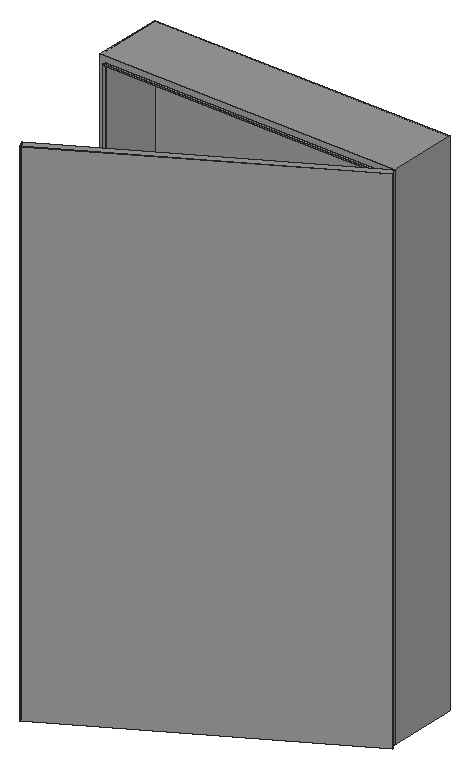
Revit family "Hager-Univers-IP44-D205-H1400-Cl.II-Encl-NoHosted-DE-de", category Equipement électrique, Revit 2020
Family settings
  Configuration du panneau = Deux colonnes, circuits au sein
  Cote de connecteur circulaire = Utiliser le diamètre
  Type d'élément = Tableau de raccordement
  Basée sur le plan de construction = Oui
  Toujours verticalement = Oui
  Couper avec des vides une fois chargée = Non
  Partagée = Non
  Point de calcul de pièce = Non
Parameters (values of type "Aufputz IP44 B800 H1400 T205  - FP93SN2")
  Width Control [instance] = if([EF000008 - Breite] > Min Width, [EF000008 - Breite], Min Width)  # 800 mm
  Commentaires du type = [HG000003 - Bereich]  # "Univers"
  Thickness Door [instance] = if([EF009171 - Materialstärke Tür/Deckel] > 3 mm, 3 mm, [EF009171 - Materialstärke Tür/Deckel])  # 1 mm
  Seal Frame Offset [instance] = 17 mm  # constant formula
  Plinth Visibility [instance] = [HG000027 - Sockelhöhe] > 0 mm  # no
  Min Width [instance] = 100 mm  # constant formula
  Min Depth [instance] = (2 * [EF009170 - Materialstärke Gehäuse]) + 1 mm  # 3 mm
  Min Height [instance] = 100 mm  # constant formula
  Internal Frame Depth [instance] = (Door System Depth * 0.5)  # 9 mm
  Panel Name [instance] = ""  # (empty or 0)
  Model = ""
  HG000027 - Sockelhöhe = 0 mm
  HG000026 - Stehend auf dem Boden = no
  HG000024 - Höhe des unteren Teils = 600 mm
  HG000023 - Gehäuse mit doppeltem Querschnitt = no
  HG000016 - 3D-Türsichtbarkeit [instance] = yes
  HG000015 - Sichtbarkeit der Türöffnung [instance] = no
  HG000014 - Tür rechts [instance] = yes
  HG000013 - Tür links [instance] = not([HG000014 - Tür rechts])  # no
  HG000012 - Türschwenkwinkel [instance] = 30.00°
  HG000010 - Asymmetrische Türen = no
  HG000009 - Doppelflügeligen Tür = no
  HG000006 - Unterputz = no
  HG000004 - Herstellerreferenz = "FP93SN2"
  HG000003 - Bereich = "Univers"
  HG000002 - Mit tür = yes
  Frame Offset Bottom [instance] = 10 mm  # constant formula
  Frame Offset [instance] = 15 mm  # constant formula
  EF015940 - Deckel mit Überdruckentlastung = no
  EF011959 - Schutzart (NEMA) = ""
  EF009554 - Anzahl der Öffnungen für Flanschplatten = 6
  EF009212 - Ausführung Deckel = "EV000116 - geschlossen"
  EF009171 - Materialstärke Tür/Deckel = 1 mm
  EF009170 - Materialstärke Gehäuse = 1 mm
  EF008873 - Nennstrom (In) = 250 A
  EF007800 - Geeignet für Blitzschutz = no
  EF006306 - Mit Schloss = no
  EF006244 - Transparenter Deckel/Tür = no
  EF005474 - Schutzart (IP) = "EV006418 - IP44"
  EF004464 - Art der Tür = "EV002646 - Einzel"
  EF004427 - Anzahl der Module = 324
  EF004293 - Schlagfestigkeit = "EV006815 - IK09"
  EF003532 - Geeignet für Außengebrauch = no
  EF002950 - Breite in Teilungseinheiten = 36
  EF001613 - Funktionserhalt = "EV000494 - ohne"
  EF001596 - Werkstoff des Gehäuses = "EV000179 - Stahl"
  EF001131 - Innentiefe = 143 mm
  EF001088 - Anbaumöglichkeit = yes
  EF000437 - Anzahl der Leitungseinführungen = 6
  EF000339 - Art der Abdeckung = "EV001012 - Deckel"
  EF000266 - Anzahl der Reihen = 9
  EF000218 - Einbautiefe = 205 mm
  EF000118 - Mit Montageplatte = no
  EF000116 - RAL-Nummer = "9010"
  EF000049 - Tiefe = 205 mm
  EF000040 - Höhe = 1400 mm
  EF000008 - Breite = 800 mm
  EF000007 - Farbe = "EV000202 - weiß"
  EF000003 - Montageart = "EV000384 - Aufputz"
  Door System Leaf Tolerance [instance] = 1.5 mm  # constant formula
  Door System Depth [instance] = 18 mm  # constant formula
  Door Height [instance] = Height Control - [HG000027 - Sockelhöhe]  # 1400 mm
  Description = ""
  Default Elevation = 1219.2 mm
  Connector Offset [instance] = Height Control / 2  # 700 mm
  Fabricant = "Hager"  # constant formula
  Height Control [instance] = if([EF000040 - Höhe] > Min Height, [EF000040 - Höhe], Min Height)  # 1400 mm
  Depth Control [instance] = if([EF000049 - Tiefe] > Min Depth, [EF000049 - Tiefe], Min Depth)  # 205 mm
  Bottom Top Plate Trim [instance] = 1.5 mm  # constant formula
  Plinth height Ctrl [instance] = if([HG000027 - Sockelhöhe] > 0 mm, [HG000027 - Sockelhöhe], 12 mm)  # 12 mm
Types (5, lengths in mm): name | Width Control | HG000010 - Asymmetrische Türen | HG000009 - Doppelflügeligen Tür | HG000004 - Herstellerreferenz | EF009554 - Anzahl der Öffnungen für Flanschplatten | EF004464 - Art der Tür | EF004427 - Anzahl der Module | EF002950 - Breite in Teilungseinheiten | EF001131 - Innentiefe | EF000437 - Anzahl der Leitungseinführungen | EF000339 - Art der Abdeckung | EF000008 - Breite
  Aufputz IP44 B1050 H1400 T205  - FP94SN2 | 1050 | no | yes | "FP94SN2" | 8 | "EV003602 - Doppel" | 432 | 48 | 143 | 8 | "EV001012 - Deckel" | 1050
  Aufputz IP44 B1300 H1400 T205  - FP95SN2 | 1300 | yes | yes | "FP95SN2" | 10 | "EV003602 - Doppel" | 540 | 60 | 130 | 10 | "EV004216 - Tür" | 1300
  Aufputz IP44 B300 H1400 T205  - FP91SN2 | 300 | no | no | "FP91SN2" | 2 | "EV002646 - Einzel" | 108 | 12 | 143 | 2 | "EV001012 - Deckel" | 300
  Aufputz IP44 B550 H1400 T205  - FP92SN2 | 550 | no | no | "FP92SN2" | 4 | "EV002646 - Einzel" | 216 | 24 | 143 | 4 | "EV001012 - Deckel" | 550
  Aufputz IP44 B800 H1400 T205  - FP93SN2 | 800 | no | no | "FP93SN2" | 6 | "EV002646 - Einzel" | 324 | 36 | 143 | 6 | "EV001012 - Deckel" | 800
Reference planes
  plane 1 "Center (Front/Back)": y = 0
  plane 2: z = 0
  plane 3 "Center (Left/Right)": x = 0
  plane 4: y = 0
  plane 5: y = 0
  plane 6: z = 0
  plane 7: x = -400
  plane 8: x = 400
  plane 9: x = 399
  plane 10: x = -399
  plane 11: z = 0
  plane 12: z = 1
  plane 13: y = -205
  plane 14: y = -1
  plane 15: x = 0
  plane 16: y = -187
  plane 17: y = -204
  plane 18: y = -186
  plane 19: x = -384
  plane 20: x = 384
  plane 21: z = 11
  plane 22: x = -383
  plane 23: x = 383
  plane 24: z = 0
  plane 25: z = 1400
  plane 26: z = 1400
  plane 27: z = 1384
  plane 28: z = 1399
Forms (mm)
  Extrusion 1, solid, material "Hager_Steel_RAL7035_Light_Grey", detail levels medium+fine
    sketch origin (-208.679, -4572, 0) x (-1, 0, 0) y (0, -1, 0)
      loop
        line (191.321, -4385) -> (-608.679, -4385) -> (-608.679, -4572) -> (191.321, -4572) -> (191.321, -4385)
    from 0 to 1400
  Extrusion 2, void
    sketch origin (-350.771, -205, 1219.2) x (1, 0, 0) y (0, 0, 1)
      loop
        line (-48.229, 179.8) -> (-48.229, -1218.2) -> (749.771, -1218.2) -> (749.771, 179.8) -> (-48.229, 179.8)
    from -19 to -204
  Extrusion 3, void
    sketch origin (-290.084, -187, 1219.2) x (1, 0, 0) y (0, 0, 1)
      loop
        line (-93.916, -1208.2) -> (674.084, -1208.2) -> (674.084, 164.8) -> (-93.916, 164.8) -> (-93.916, -1208.2)
    from 0 to -1
  Extrusion 4, solid, material "Hager_Steel_RAL7035_Light_Grey", visible <- "Plinth Visibility", detail levels medium+fine
    sketch origin (0, 0, 0) x (1, 0, 0) y (0, 1, 0)
      loop
        line (-400, 0) -> (-400, -187) -> (400, -187) -> (400, 0) -> (-400, 0)
    from 0 to 12 <- "Plinth height Ctrl"
  Extrusion 5, solid, material "Hager_Steel_RAL7035_Light_Grey", detail levels coarse
    sketch origin (0, 0, 0) x (1, 0, 0) y (0, 1, 0)
      loop
        line (-400, 0) -> (-400, -205) -> (400, -205) -> (400, 0) -> (-400, 0)
    from 0 to 1400 <- "Height Control"
  Sweep 6, void
    path in 3D
      loop
        line (-400, -187, 12) -> (400, -187, 12) -> (400, 0, 12) -> (-400, 0, 12) -> (-400, -187, 12)
    profile origin (-400, -93.5, 12) x (1, 0, 0) y (0, 0, 1)
      loop
        line (0, 0) -> (0, -1.5) -> (1.5, -1.5)
        arc (1.5, -1.5) -> (1.061, -0.439) -> (0, 0) r 1.5
  Extrusion 7, solid, material "Hager_Steel_RAL7035_Light_Grey", detail levels fine
    sketch origin (-400, -187, 0) x (1, 0, 0) y (0, 0, 1)
      loop
        line (16, 11) -> (784, 11) -> (784, 1384) -> (16, 1384) -> (16, 11)
      loop
        line (15, 10) -> (785, 10) -> (785, 1385) -> (15, 1385) -> (15, 10)
    from 0 to 9 <- "Internal Frame Depth"
Cuts and joins
  Extrusion 2, Extrusion 3 cuts Extrusion 1
  Sweep 6 cuts Extrusion 4
Lines and regions (mm)
  Masking region 1
    outline origin (0, 0, 0) x (1, 0, 0) y (0, 1, 0)
      loop
        line (-400, 0) -> (-400, -205) -> (400, -205) -> (400, 0) -> (-400, 0)
  Masking region 2, detail levels coarse
    outline origin (-290.084, -187, 1219.2) x (-1, 0, 0) y (0, 0, 1)
      loop
        line (-690.084, -1219.2) -> (109.916, -1219.2) -> (109.916, 180.8) -> (-690.084, 180.8) -> (-690.084, -1219.2)
  Masking region 3, detail levels coarse
    outline origin (0, 0, 0) x (0, 1, 0) y (0, 0, 1)
      loop
        line (0, 0) -> (0, 1400) -> (-205, 1400) -> (-205, 0) -> (0, 0)
  Masking region 4, visible <- "Plinth Visibility", detail levels medium+fine
    outline origin (0, 0, 0) x (0, 1, 0) y (0, 0, 1)
      loop
        line (-1.5, 12) -> (-185.5, 12)
        arc (-185.5, 12) -> (-185.939, 10.939) -> (-187, 10.5) r 1.5
        line (-187, 10.5) -> (-187, 0) -> (0, 0) -> (0, 10.5)
        arc (0, 10.5) -> (-1.061, 10.939) -> (-1.5, 12) r 1.5
  Masking region 5, detail levels medium+fine
    outline origin (0, 0, 594.038) x (0, 1, 0) y (0, 0, 1)
      loop
        line (0, -594.038) -> (0, 805.962) -> (-187, 805.962) -> (-187, -594.038) -> (0, -594.038)
  Masking region 6, detail levels medium+fine
    outline origin (-359.7, -187, 1211.883) x (-1, 0, 0) y (0, 0, 1)
      loop
        line (-759.7, -1211.883) -> (40.3, -1211.883) -> (40.3, 188.117) -> (-759.7, 188.117) -> (-759.7, -1211.883)
  Masking region 7, visible <- "Plinth Visibility", detail levels medium+fine
    outline origin (-320.334, -187, 1041.368) x (-1, 0, 0) y (0, 0, 1)
      loop
        line (-720.334, -1041.368) -> (79.666, -1041.368) -> (79.666, -1030.868)
        arc (79.666, -1030.868) -> (78.606, -1030.429) -> (78.166, -1029.368) r 1.5
        line (78.166, -1029.368) -> (-718.834, -1029.368)
        arc (-718.834, -1029.368) -> (-719.273, -1030.429) -> (-720.334, -1030.868) r 1.5
        line (-720.334, -1030.868) -> (-720.334, -1041.368)
  sketch lines
    curve 1: line (-400, 0, 12) -> (-400, -187, 12)
    curve 2: line (-400, -187, 12) -> (400, -187, 12)
    curve 3: line (400, 0, 12) -> (-400, 0, 12)
    curve 4: line (400, -187, 12) -> (400, 0, 12)
Dimensions and locks
  locked: plane 1 "Center (Front/Back)" to plane 5
  "EF009170 - Materialstärke Gehäuse": plane 7 to plane 10
  "EF009170 - Materialstärke Gehäuse": plane 8 to plane 9
  equal spacing: plane 7, plane 3 "Center (Left/Right)", plane 8
  "Width Control": plane 7 to plane 8
  "Depth Control": plane 4 to plane 13
  "EF009170 - Materialstärke Gehäuse": plane 4 to plane 14
  "Height Control": plane 25 to level
  "HG000027 - Sockelhöhe": plane 11 to level
  "EF009170 - Materialstärke Gehäuse": plane 12 to plane 11
  "EF009170 - Materialstärke Gehäuse": plane 17 to plane 13
  "EF009170 - Materialstärke Gehäuse": plane 18 to plane 16
  "Frame Offset Bottom": plane 21 to plane 12
  "Frame Offset": plane 10 to plane 19
  "Frame Offset": plane 9 to plane 20
  "Door System Depth": plane 16 to plane 13
  "Seal Frame Offset": plane 7 to plane 22
  "Seal Frame Offset": plane 8 to plane 23
  "EF009170 - Materialstärke Gehäuse": plane 26 to plane 28
  "Frame Offset": plane 28 to plane 27
  "Connector Offset": plane 2 to connector elem
  "Bottom Top Plate Trim": profile plane to Sweep 6 sketch curve
  "Bottom Top Plate Trim": Sweep 6 sketch curve to Sweep 6 sketch curve
  "Plinth height Ctrl": Masking region 4 sketch curve to level
  "Plinth height Ctrl": Masking region 7 sketch curve to level
  "Thickness Door": Extrusion 7 sketch curve to Extrusion 7 sketch curve  (x4)
  "Bottom Top Plate Trim": radius of Sweep 6 sketch curve
  "Bottom Top Plate Trim": radius of Masking region 4 sketch curve  (x2)
  "Bottom Top Plate Trim": radius of Masking region 7 sketch curve  (x2)
  aligned and locked: Extrusion 2 sketch curve to plane 12
  aligned and locked: Extrusion 2 sketch curve to plane 9
  aligned and locked: Extrusion 2 sketch curve to plane 10
  aligned and locked: Extrusion 2 to plane 14
  aligned and locked: Extrusion 1 sketch curve to plane 4
  aligned and locked: plane 8 to Extrusion 1 sketch curve
  aligned and locked: plane 7 to Extrusion 1 sketch curve
  aligned and locked: Extrusion 2 to plane 18
  aligned and locked: Extrusion 3 sketch curve to plane 19
  aligned and locked: plane 20 to Extrusion 3 sketch curve
  aligned and locked: Extrusion 3 to Extrusion 2
  aligned and locked: Extrusion 3 sketch curve to plane 21
  aligned and locked: plane 3 "Center (Left/Right)" to nested 1
  aligned and locked: Extrusion 1 sketch curve to plane 16
  aligned and locked: Extrusion 4 sketch curve to cut or joined group of Extrusion 1, Extrusion 2, Extrusion 3
  aligned and locked: Masking region 1 sketch curve to plane 7
  aligned and locked: Masking region 1 sketch curve to plane 5
  aligned and locked: Masking region 1 sketch curve to plane 8
  aligned and locked: Masking region 2 sketch curve to level
  aligned and locked: level to Masking region 3 sketch curve
  aligned and locked: plane 1 "Center (Front/Back)" to Masking region 3 sketch curve
  aligned and locked: plane 13 to Masking region 3 sketch curve
  aligned and locked: plane 5 to Masking region 4 sketch curve
  aligned and locked: Masking region 2 sketch curve to plane 8
  aligned and locked: Masking region 2 sketch curve to plane 7
  aligned and locked: plane 7 to nested 2
  aligned and locked: nested 2 to plane 5
  aligned and locked: plane 5 to Masking region 5 sketch curve
  aligned and locked: plane 26 to Masking region 5 sketch curve
  aligned and locked: Extrusion 5 sketch curve to plane 8
  aligned and locked: Extrusion 5 sketch curve to plane 7
  aligned and locked: Extrusion 5 sketch curve to plane 5
  aligned and locked: Extrusion 3 sketch curve to plane 27
  aligned and locked: Extrusion 2 sketch curve to plane 28
  aligned and locked: Masking region 2 to plane 25
  aligned and locked: Extrusion 4 to plane 16
  aligned and locked: profile plane to Sweep 6 sketch curve
  aligned and locked: Masking region 5 sketch curve to plane 24
  aligned and locked: level to Masking region 4 sketch curve
  aligned and locked: Masking region 1 to plane 13
  aligned and locked: nested 1 to plane 16
  aligned and locked: Masking region 3 to plane 25
  aligned and locked: plane 16 to Masking region 4 sketch curve
  aligned and locked: Masking region 5 sketch curve to plane 16
  aligned and locked: plane 24 to plane 11
  aligned and locked: plane 26 to plane 25
  aligned and locked: plane 26 to cut or joined group of Extrusion 1, Extrusion 2, Extrusion 3
  aligned and locked: nested 1 to plane 24
  aligned and locked: Extrusion 1 to Extrusion 3
  aligned and locked: Masking region 6 sketch curve to plane 8
  aligned and locked: Masking region 6 sketch curve to plane 24
  aligned and locked: Masking region 6 sketch curve to plane 7
  aligned and locked: Masking region 6 sketch curve to plane 26
  aligned and locked: Masking region 7 sketch curve to plane 7
  aligned and locked: level to Masking region 7 sketch curve
  aligned and locked: Masking region 7 sketch curve to plane 8
  aligned and locked: Extrusion 7 sketch curve to cut or joined group of Extrusion 1, Extrusion 2, Extrusion 3  (x4)
Automatic sketch dimensions
  plane 19 to Extrusion 3 sketch curve = 0 mm
  Extrusion 3 sketch curve to plane 20 = 0 mm
  Extrusion 3 sketch curve to plane 21 = 0 mm
  Extrusion 4 sketch curve to plane 7 = 0 mm
  Extrusion 4 sketch curve to plane 8 = 0 mm
  Extrusion 4 sketch curve to plane 16 = 0 mm
  Masking region 1 sketch curve to plane 13 = 0 mm
  Masking region 2 sketch curve to plane 25 = 0 mm
  Masking region 3 sketch curve to plane 25 = 0 mm
  Extrusion 5 sketch curve to plane 13 = 0 mm
  profile plane to Sweep 6 sketch curve = 0 mm
Nested families
  nested 1: "EC000058_Univers_Door" at (0, -187, 0), Double <- "HG000009 - Doppelflügeligen Tür", Transparent <- "EF006244 - Transparenter Deckel/Tür", Angle <- "HG000012 - Türschwenkwinkel", Door_Right <- "HG000014 - Tür rechts", Assymetrical <- "HG000010 - Asymmetrische Türen", Door <- "HG000002 - Mit tür", Width_Ctrl <- "Width Control", 3d_Door <- "HG000016 - 3D-Türsichtbarkeit", Clearance <- "HG000015 - Sichtbarkeit der Türöffnung", Door_Left <- "HG000013 - Tür links", Width <- "Width Control", Door_Depth <- "Door System Depth", Leaf_Tolerance <- "Door System Leaf Tolerance", Height <- "Door Height", Lock_Visibility <- "EF006306 - Mit Schloss", Thickness <- "Thickness Door", type "EC000058_Univers_Door", detail levels medium+fine
    with min_wh 3 mm, Width_Ctrl 800 mm, Width 800 mm, Transparent no, Thickness 1 mm, Seal_Material Hager_Rubber, Lock_Visibility no, Lock_Material Hager_Plastic_RAL9005_Jet_Black, Leaf_Width 800 mm, Leaf_Tolerance_External_Sides 0 mm, Leaf_Tolerance 1.5 mm, Leaf_Offset 0 mm, Leaf_Height 1397 mm, Leaf_2_Width 800 mm, Leaf_2_Offset 400 mm, Leaf_1_Width 800 mm, Leaf_1_Offset 400 mm, Height_Ctrl 1400 mm, Height 1400 mm, Glass_Material Hager_Glass, Double_Clearance_Ctrl no, Double no, Door_Right_Ctrl yes, Door_Right yes, Door_Material Hager_Steel_RAL7035_Light_Grey, Door_Left_Ctrl no, Door_Left no, Door_Depth 18 mm, Door yes, Clearance_Material Hager_Clearance, Clearance_Depth 800 mm, Clearance_Ctrl no, Clearance no, Assymetrical no, Angle 30.00°, 3d_Door yes
  nested 2: "Hager_Enclosure_Symbol" at (-400, 0, 0), Height <- "Depth Control", Width <- "Width Control", type "Hager_Enclosure_Symbol"
    with Width_Ctrl 800 mm, Width 800 mm, Height_Ctrl 205 mm, Height 205 mm, A_Width_Int 13.453 mm, A_Width 161.438 mm, A_Height_Ctrl 179.375 mm, A_Height 179.375 mm
Connectors
  electrical at (0, 0, 700)
    settings: on plane 1 "Center (Front/Back)", index 1, voltage 0 V, apparent load 0 VA, apparent load phase1 0 VA, apparent load phase2 0 VA, apparent load phase3 0 VA, power factor 1, load classification "Other", number of poles 1, system type 30, power factor state 1, is connector primary yes, connector utility no, sub classification motor no, connector description ""
Definition of nested family "EC000058_Univers_Door"
  Parameters (values of type "EC000058_Univers_Door")
    min_wh [instance] = (2 * Thickness) + 1 mm  # 11 mm
    Width_Ctrl [instance] = 400 mm
    Width [instance] = 500 mm
    Transparent [instance] = yes
    Thickness [instance] = 5 mm
    Seal_Material [instance] = none
    Lock_Visibility [instance] = yes
    Lock_Material [instance] = none
    Leaf_Width [instance] = if((Width_Ctrl - 2 * Leaf_Tolerance_External_Sides) > 0 mm, (Width_Ctrl - 2 * Leaf_Tolerance_External_Sides), min_wh)  # 400 mm
    Leaf_Tolerance_External_Sides [instance] = 0 mm  # constant formula
    Leaf_Tolerance [instance] = 1.5 mm
    Leaf_Offset [instance] = 0 mm  # constant formula
    Leaf_Height [instance] = if((Height_Ctrl - 2 * Leaf_Tolerance) > 0 mm, (Height_Ctrl - 2 * Leaf_Tolerance), min_wh)  # 497 mm
    Leaf_2_Width [instance] = if(and(and(Double, Assymetrical), Door_Left), (Leaf_Width / 3) - (Leaf_Tolerance / 2), if(and(and(Double, Assymetrical), Door_Right), (Leaf_Width / 3) * 2 - (Leaf_Tolerance / 2), if(and(Double, not(Assymetrical)), (Leaf_Width / 2) - Leaf_Tolerance, Leaf_Width)))  # 400 mm
    Leaf_2_Offset [instance] = if(and(Double, Assymetrical), Leaf_2_Width / 2, if(and(Double, not(Assymetrical)), Leaf_Width / 4, Leaf_Width / 2))  # 200 mm
    Leaf_1_Width [instance] = if(and(and(Double, Assymetrical), Door_Right), (Leaf_Width / 3) - (Leaf_Tolerance / 2), if(and(and(Double, Assymetrical), Door_Left), (Width / 3) * 2 - (Leaf_Tolerance / 2), if(and(Double, not(Assymetrical)), (Leaf_Width / 2) - Leaf_Tolerance, Leaf_Width)))  # 400 mm
    Leaf_1_Offset [instance] = if(and(Double, Assymetrical), Leaf_1_Width / 2, if(and(Double, not(Assymetrical)), Leaf_Width / 4, Leaf_Width / 2))  # 200 mm
    Height_Ctrl [instance] = if(Height > min_wh, Height, min_wh)  # 500 mm
    Height [instance] = 500 mm
    Glass_Material [instance] = none
    Double_Clearance_Ctrl [instance] = and(Double, Clearance)  # no
    Double [instance] = no
    Door_Right_Ctrl [instance] = and(or(Door_Right, Double), Door)  # yes
    Door_Right [instance] = yes
    Door_Material [instance] = none
    Door_Left_Ctrl [instance] = and(or(Door_Left, Double), Door)  # no
    Door_Left [instance] = no
    Door_Depth [instance] = 30 mm
    Door [instance] = yes
    Default Elevation = 1219.2 mm
    Clearance_Material [instance] = none
    Clearance_Depth [instance] = if(Leaf_1_Width > Leaf_2_Width, Leaf_1_Width, Leaf_2_Width)  # 400 mm
    Clearance_Ctrl [instance] = and(not(Double), Clearance)  # yes
    Clearance [instance] = yes
    Assymetrical [instance] = yes
    Angle [instance] = 30.00°
    3d_Door [instance] = yes
  Reference planes
    plane 1 "Center (Front/Back)": y = 0
    plane 2 "Bottom": z = 0
    plane 3 "Center (Left/Right)": x = 0
    plane 4: z = 500
    plane 5: x = -200
    plane 6: x = 200
    plane 7: z = 500
    plane 8: x = -200
    plane 9: z = 0
    plane 10: x = 200
    plane 11: y = 0
    plane 12: z = 1.5
    plane 13: x = -600
    plane 14: y = -400
    plane 15: x = 600
    plane 16: x = 0
    plane 17: x = 0
    plane 18: x = -200
    plane 19: x = 200
    plane 20: z = 498.5
  Forms (mm)
    Extrusion 1, solid, material <- "Clearance_Material", visible <- "Double_Clearance_Ctrl"
      sketch origin (1200, 0, 0) x (1, 0, 0) y (0, 0, -1)
        loop
          line (-1800, -498.5) -> (-600, -498.5) -> (-600, 0) -> (-1800, 0) -> (-1800, -498.5)
      from 0 to -400
  Dimensions and locks
    equal spacing: plane 5, plane 3 "Center (Left/Right)", plane 6
    "Width_Ctrl": plane 5 to plane 6
    "Leaf_Offset": plane 5 to plane 8
    "Leaf_Offset": plane 6 to plane 10
    "Leaf_Offset": plane 9 to level
    "Leaf_Offset": plane 4 to plane 7
    "Height_Ctrl": plane 4 to level
    "Leaf_Tolerance": plane 12 to plane 9
    locked: plane 11 to plane 1 "Center (Front/Back)"
    "Leaf_1_Offset": plane 18 to plane 16
    "Leaf_2_Offset": plane 17 to plane 19
    "Leaf_1_Width": plane 13 to plane 8
    "Leaf_2_Width": plane 10 to plane 15
    "Clearance_Depth": plane 14 to plane 1 "Center (Front/Back)"
    "Leaf_Tolerance_External_Sides": plane 8 to plane 18
    "Leaf_Tolerance_External_Sides": plane 19 to plane 10
    "Leaf_Tolerance": plane 7 to plane 20
    aligned and locked: level to plane 2 "Bottom"
    aligned and locked: nested 1 to plane 16
    aligned and locked: nested 2 to plane 17
    aligned and locked: Extrusion 1 to plane 13
    aligned and locked: plane 15 to Extrusion 1
    aligned and locked: Extrusion 1 to plane 14
    aligned and locked: plane 12 to nested 1
    aligned and locked: nested 2 to plane 12
    aligned and locked: Extrusion 1 to plane 11
    aligned and locked: plane 20 to Extrusion 1
    aligned and locked: nested 2 to plane 11
    aligned and locked: nested 1 to plane 11
  Automatic sketch dimensions
    Extrusion 1 sketch curve to level = 0 mm
    plane 5 to Extrusion 1 sketch curve = 400 mm
    plane 6 to Extrusion 1 sketch curve = 400 mm
    Extrusion 1 sketch curve to plane 4 = 1.5 mm
  Nested families
    nested 1: "EC000058_Univers_Door_Leaf" at (0, 0, 1.5), Width <- "Leaf_1_Width", visible <- "Door_Left_Ctrl", Leaf_Height <- "Leaf_Height", Angle <- "Angle", 3d_Door <- "3d_Door", Transparent <- "Transparent", Clearance Material <- "Clearance_Material", Clearance <- "Clearance_Ctrl", Door_Material <- "Door_Material", Glass_Material <- "Glass_Material", Door_Depth <- "Door_Depth", Lock_Material <- "Lock_Material", Seal_Material <- "Seal_Material", Lock_Visibility <- "Lock_Visibility", Thickness <- "Thickness", type "EC000058_Univers_Door_Leaf"
      with Width 400 mm, Transparent_Glass_Offset 30 mm, Transparent_Ctrl yes, Transparent yes, Thickness 5 mm, Standard no, Seal_Material none, Seal_D2 8 mm, Seal_D1 1 mm, Offset_Internal_Frame 10 mm, Lock_Width 20 mm, Lock_Visibility_3d yes, Lock_Visibility yes, Lock_Thickness_3 3 mm, Lock_Thickness_2 1 mm, Lock_Thickness_1 3 mm, Lock_Radius_Offset_2 16 mm, Lock_Radius_Offset_1 15 mm, Lock_Radius_2 5 mm, Lock_Radius 6 mm, Lock_Offset 5 mm, Lock_Material none, Lock_Height 80 mm, Lock_Cover_Top_Offset_2d 17 mm, Lock_Cover_Height -65 mm, Leaf_Height 497 mm, Internal_Seal_Thickness 8 mm, Internal_Seal_Depth_2 4.5 mm, Internal_Frame_Depth 25 mm, Glass_Thickness -1 mm, Glass_Offset -2 mm, Glass_Material none, Door_Material none, Door_Depth 30 mm, Clearance Material none, Clearance yes, Angle_Ctrl 30.00°, Angle 30.00°, 3d_Door yes
    nested 2: "EC000058_Univers_Door_Leaf" at (0, 0, 1.5) x (-1, 0, 0) z (0, 0, 1), Width <- "Leaf_2_Width", visible <- "Door_Right_Ctrl", Leaf_Height <- "Leaf_Height", Angle <- "Angle", 3d_Door <- "3d_Door", Transparent <- "Transparent", Clearance Material <- "Clearance_Material", Clearance <- "Clearance_Ctrl", Door_Material <- "Door_Material", Glass_Material <- "Glass_Material", Door_Depth <- "Door_Depth", Lock_Material <- "Lock_Material", Seal_Material <- "Seal_Material", Lock_Visibility <- "Lock_Visibility", Thickness <- "Thickness", type "EC000058_Univers_Door_Leaf"
      with Width 400 mm, Transparent_Glass_Offset 30 mm, Transparent_Ctrl yes, Transparent yes, Thickness 5 mm, Standard no, Seal_Material none, Seal_D2 8 mm, Seal_D1 1 mm, Offset_Internal_Frame 10 mm, Lock_Width 20 mm, Lock_Visibility_3d yes, Lock_Visibility yes, Lock_Thickness_3 3 mm, Lock_Thickness_2 1 mm, Lock_Thickness_1 3 mm, Lock_Radius_Offset_2 16 mm, Lock_Radius_Offset_1 15 mm, Lock_Radius_2 5 mm, Lock_Radius 6 mm, Lock_Offset 5 mm, Lock_Material none, Lock_Height 80 mm, Lock_Cover_Top_Offset_2d 17 mm, Lock_Cover_Height -65 mm, Leaf_Height 497 mm, Internal_Seal_Thickness 8 mm, Internal_Seal_Depth_2 4.5 mm, Internal_Frame_Depth 25 mm, Glass_Thickness -1 mm, Glass_Offset -2 mm, Glass_Material none, Door_Material none, Door_Depth 30 mm, Clearance Material none, Clearance yes, Angle_Ctrl 30.00°, Angle 30.00°, 3d_Door yes
  Definition of nested family "EC000058_Univers_Door_Leaf"
    Parameters (values of type "EC000058_Univers_Door_Leaf")
      Width [instance] = 2000 mm
      Transparent_Glass_Offset [instance] = 30 mm
      Transparent_Ctrl [instance] = and(Transparent, [3d_Door])  # yes
      Transparent [instance] = yes
      Thickness [instance] = 5 mm
      Standard [instance] = and(not(Transparent), [3d_Door])  # no
      Seal_Material [instance] = none
      Seal_D2 [instance] = 8 mm  # constant formula
      Seal_D1 [instance] = 1 mm  # constant formula
      Offset_Internal_Frame [instance] = 10 mm  # constant formula
      Lock_Width [instance] = 20 mm  # constant formula
      Lock_Visibility_3d [instance] = and(Lock_Visibility, [3d_Door])  # yes
      Lock_Visibility [instance] = yes
      Lock_Thickness_3 [instance] = 3 mm  # constant formula
      Lock_Thickness_2 [instance] = 1 mm  # constant formula
      Lock_Thickness_1 [instance] = 3 mm  # constant formula
      Lock_Radius_Offset_2 [instance] = Lock_Radius_Offset_1 + 1 mm  # 16 mm
      Lock_Radius_Offset_1 [instance] = 15 mm  # constant formula
      Lock_Radius_2 [instance] = Lock_Radius - 1 mm  # 5 mm
      Lock_Radius [instance] = 6 mm  # constant formula
      Lock_Offset [instance] = 5 mm  # constant formula
      Lock_Material [instance] = none
      Lock_Height [instance] = 80 mm  # constant formula
      Lock_Cover_Top_Offset_2d [instance] = Lock_Radius_Offset_2 + 1 mm  # 17 mm
      Lock_Cover_Height [instance] = -(Lock_Height - Lock_Radius_Offset_1)  # -65 mm
      Leaf_Height [instance] = 2720.336 mm
      Internal_Seal_Thickness [instance] = 8 mm  # constant formula
      Internal_Seal_Depth_2 [instance] = 4.5 mm  # constant formula
      Internal_Frame_Depth [instance] = if(Door_Depth - Thickness > 5 mm, Door_Depth - Thickness, 5 mm)  # 25 mm
      Glass_Thickness [instance] = if(Thickness > 15 mm, Glass_Offset + 10 mm, -1 mm)  # -1 mm
      Glass_Offset [instance] = if(Thickness > 15 mm, -(Thickness + 10 mm) / 2, -2 mm)  # -2 mm
      Glass_Material [instance] = none
      Door_Material [instance] = none
      Door_Depth [instance] = 30 mm
      Default Elevation = 0 mm
      Clearance Material [instance] = none
      Clearance [instance] = yes
      Angle_Ctrl [instance] = if(Angle > 180.00°, 180.00°, Angle)  # 90.00°
      Angle [instance] = 90.00°
      3d_Door [instance] = yes
    Reference planes
      plane 1 "Center (Front/Back)": y = 0
      plane 2: z = 0
      plane 3 "Center (Left/Right)": x = 0
      plane 4: y = 2000
      plane 5: x = -1000
      plane 6: x = 1000
      plane 7: x = -3000
      plane 8: z = 2720.336
      plane 9: z = 30
      plane 10: z = 2690.336
      plane 11: x = 970
      plane 12: x = -970
      plane 13: y = -3
      plane 14: z = 107.833
      plane 15: y = -5
      plane 16: y = -223.314
      plane 17: x = -1000
      plane 18: z = 1360.168
      plane 19: y = 30
    Forms (mm)
      Extrusion 1, solid, material <- "Clearance Material", visible <- "Clearance"
        sketch origin (0, 0, 0) x (1, 0, 0) y (0, 0, 1)
          loop
            line (-3000, 2720.336) -> (-3000, 0) -> (1000, 0) -> (1000, 2720.336) -> (-3000, 2720.336)
        from 0 to -2000
      Extrusion 2, solid, material <- "Door_Material", visible <- "Standard", detail levels medium+fine
        sketch origin (-1000, 0, 0) x (0, 1, 0) y (-1, 0, 0)
          loop
            line (0, 30) -> (0, 25) -> (2000, 25) -> (2000, 30) -> (0, 30)
        from 0 to 2720.336 <- "Leaf_Height"
      Extrusion 3, solid, material <- "Door_Material", visible <- "Transparent_Ctrl", detail levels medium+fine
        sketch origin (-1000, 0, 0) x (0, 1, 0) y (-1, 0, 0)
          loop
            line (0, 25) -> (2000, 25) -> (2000, 30) -> (0, 30) -> (0, 25)
        from 0 to 2720.336 <- "Leaf_Height"
      Extrusion 4, void
        sketch origin (-1025, 2000, 0) x (0, 1, 0) y (0, 0, -1)
          loop
            line (-30, -2690.336) -> (-30, -30) -> (-1970, -30) -> (-1970, -2690.336) -> (-30, -2690.336)
        from 0 to 5 <- "Thickness"
      Sweep 5, solid, material <- "Seal_Material", visible <- "Transparent_Ctrl", detail levels fine
        path in 3D
          loop
            line (-1025, 30, 30) -> (-1025, 30, 2690.336) -> (-1025, 1970, 2690.336) -> (-1025, 1970, 30) -> (-1025, 30, 30)
        profile origin (-1025, 1000, 30) x (1, 0, 0) y (0, 0, 1)
          loop
            line (0, 0) -> (0, -8) -> (1, -8) -> (1, 0) -> (0, 0)
      Extrusion 6, solid, material <- "Glass_Material", visible <- "Transparent_Ctrl", detail levels medium+fine
        sketch origin (-1030, 0, 0) x (0, 1, 0) y (0, 0, -1)
          loop
            line (1970, -2690.336) -> (1970, -30) -> (30, -30) -> (30, -2690.336) -> (1970, -2690.336)
        from -2 <- "Glass_Offset" to -1 <- "Glass_Thickness"
      Extrusion 7, solid, material <- "Door_Material", visible <- "3d_Door", detail levels medium+fine
        sketch origin (-1025, 2000, 0) x (0, -1, 0) y (0, 0, -1)
          loop
            line (0, -2720.336) -> (2000, -2720.336) -> (2000, 0) -> (0, 0) -> (0, -2720.336)
          loop
            line (1995, -5) -> (5, -5) -> (5, -2715.336) -> (1995, -2715.336) -> (1995, -5)
        from 0 to 25 <- "Internal_Frame_Depth"
      Sweep 8, solid, material <- "Seal_Material", visible <- "Transparent_Ctrl", detail levels fine
        path in 3D
          loop
            line (-1025, 0, 0) -> (-1025, 2000, 0) -> (-1025, 2000, 2720.336) -> (-1025, 0, 2720.336) -> (-1025, 0, 0)
        profile origin (-1025, 0, 1360.168) x (1, 0, 0) y (0, 1, 0)
          loop
            line (0, 10) -> (2.975, 10)
            arc (2.975, 10) -> (4.053, 10.447) -> (4.5, 11.525) r 1.525
            line (4.5, 11.525) -> (4.5, 16.527)
            arc (4.5, 16.527) -> (4.069, 17.569) -> (3.027, 18) r 1.473
            line (3.027, 18) -> (0, 18) -> (0, 10)
      Extrusion 9, solid, material <- "Lock_Material", visible <- "Lock_Visibility_3d", detail levels fine
        sketch origin (-1030, 0, 0) x (0, 1, 0) y (0, 0, -1)
          loop
            arc (1993.5, -1400.168) -> (1994.561, -1399.729) -> (1995, -1398.668) r 1.5
            line (1995, -1398.668) -> (1995, -1320.168) -> (1975, -1320.168) -> (1975, -1398.668)
            arc (1975, -1398.668) -> (1975.439, -1399.729) -> (1976.5, -1400.168) r 1.5
            line (1976.5, -1400.168) -> (1993.5, -1400.168)
        from 3 <- "Lock_Thickness_1" to 0
      Blend 10, solid, material <- "Lock_Material", visible <- "Lock_Visibility_3d", detail levels fine
        base sketch origin (-1033, 0, 0) x (0, 1, 0) y (0, 0, -1)
          loop
            line (1975, -1320.168) -> (1975, -1398.668)
            arc (1975, -1398.668) -> (1975.439, -1399.729) -> (1976.5, -1400.168) r 1.5
            line (1976.5, -1400.168) -> (1993.5, -1400.168)
            arc (1993.5, -1400.168) -> (1994.561, -1399.729) -> (1995, -1398.668) r 1.5
            line (1995, -1398.668) -> (1995, -1320.168) -> (1975, -1320.168)
        top sketch origin (-1033, 0, 0) x (0, 1, 0) y (0, 0, -1)
          loop
            line (1976, -1320.168) -> (1976, -1398.668)
            arc (1976, -1398.668) -> (1976.146, -1399.022) -> (1976.5, -1399.168) r 0.5
            line (1976.5, -1399.168) -> (1993.5, -1399.168)
            arc (1993.5, -1399.168) -> (1993.854, -1399.022) -> (1994, -1398.668) r 0.5
            line (1994, -1398.668) -> (1994, -1320.168) -> (1976, -1320.168)
        from 0 to 1 <- "Lock_Thickness_2"
      Blend 11, solid, material <- "Lock_Material", visible <- "Lock_Visibility_3d", detail levels fine
        base sketch origin (-1034, 0, 0) x (0, 1, 0) y (0, 0, -1)
          loop
            line (1978, -1320.168) -> (1978, -1384.168)
            arc (1978, -1384.168) -> (1985, -1391.168) -> (1992, -1384.168) r 7
            line (1992, -1384.168) -> (1992, -1320.168) -> (1978, -1320.168)
        top sketch origin (-1034, 0, 0) x (0, 1, 0) y (0, 0, -1)
          loop
            line (1991, -1320.168) -> (1979, -1320.168) -> (1979, -1383.168)
            arc (1979, -1383.168) -> (1985, -1389.168) -> (1991, -1383.168) r 6
            line (1991, -1383.168) -> (1991, -1320.168)
        from 0 to 3 <- "Lock_Thickness_3"
      Extrusion 12, solid, material <- "Lock_Material", visible <- "Lock_Visibility_3d", detail levels fine
        sketch origin (-1030, 1975, 1320.168) x (1, 0, 0) y (0, -1, 0)
          loop
            line (-7, -19) -> (-7, -1) -> (0, -1) -> (0, 0) -> (-8, 0) -> (-8, -20) -> (0, -20) -> (0, -19) -> (-7, -19)
        from 0 to -65 <- "Lock_Cover_Height"
      Extrusion 13, void
        sketch origin (-1038, 1995, 1320.168) x (-1, 0, 0) y (0, 0, -1)
          loop
            line (-5, -65) -> (0, -65) -> (-5, -60) -> (-5, -65)
        from 0 to 20 <- "Lock_Width"
      Extrusion 14, void
        sketch origin (-1038, 1975, 1320.168) x (0, -1, 0) y (0, 0, -1)
          loop
            circle (-10, -15.995) r 6
          loop
            circle (-10, -15.995) r 5
        from 0 to 2
      Extrusion 15, solid, material <- "Lock_Material", visible <- "Lock_Visibility_3d", detail levels medium
        sketch origin (-1030, 0, 0) x (0, 1, 0) y (0, 0, -1)
          loop
            arc (1993.5, -1400.168) -> (1994.561, -1399.729) -> (1995, -1398.668) r 1.5
            line (1995, -1398.668) -> (1995, -1320.168) -> (1975, -1320.168) -> (1975, -1398.668)
            arc (1975, -1398.668) -> (1975.439, -1399.729) -> (1976.5, -1400.168) r 1.5
            line (1976.5, -1400.168) -> (1993.5, -1400.168)
        from 8 to 0
    Cuts and joins
      Extrusion 4 cuts Extrusion 3
      Extrusion 13, Extrusion 14 cuts Extrusion 9
      Extrusion 14 cuts Blend 11
      Extrusion 13, Extrusion 14 cuts Extrusion 12
      joined: Extrusion 9, Blend 10, Blend 11, Extrusion 12
      Extrusion 14 cuts Extrusion 15
    Lines and regions (mm)
      Masking region 1, visible <- "Lock_Visibility", detail levels fine
        outline origin (0, 0, 0) x (0, 1, 0) y (0, 0, 1)
          loop
            line (30, 1320.168) -> (33, 1320.168) -> (33, 1400.168) -> (30, 1400.168) -> (30, 1320.168)
      Masking region 2, visible <- "Lock_Visibility", detail levels fine
        outline origin (0, 3.143, 0) x (0, 1, 0) y (0, 0, 1)
          loop
            line (29.857, 1354.168) -> (30.857, 1354.168) -> (30.857, 1366.168) -> (29.857, 1366.168) -> (29.857, 1354.168)
      Masking region 3, detail levels medium+fine
        outline origin (0, 0, 0) x (0, 1, 0) y (0, 0, 1)
          loop
            line (0, 0) -> (30, 0) -> (30, 2720.336) -> (0, 2720.336) -> (0, 0)
      Masking region 4, detail levels medium+fine
        outline origin (0, 0, 0) x (1, 0, 0) y (0, 0, 1)
          loop
            line (-1000, 2720.336) -> (-1000, 0) -> (1000, 0) -> (1000, 2720.336) -> (-1000, 2720.336)
      Masking region 5, visible <- "Lock_Visibility", detail levels fine
        outline origin (-47.116, 0, 0) x (1, 0, 0) y (0, 0, 1)
          loop
            arc (1024.616, 1399.168) -> (1023.556, 1398.729) -> (1023.116, 1397.668) r 1.5
            line (1023.116, 1397.668) -> (1023.116, 1320.168) -> (1041.116, 1320.168) -> (1041.116, 1397.668)
            arc (1041.116, 1397.668) -> (1040.677, 1398.729) -> (1039.616, 1399.168) r 1.5
            line (1039.616, 1399.168) -> (1024.616, 1399.168)
      Masking region 6, visible <- "Lock_Visibility", detail levels medium+fine
        outline origin (-25, 0, 0) x (1, 0, 0) y (0, 0, 1)
          loop
            arc (1001.5, 1400.168) -> (1000.439, 1399.729) -> (1000, 1398.668) r 1.5
            line (1000, 1398.668) -> (1000, 1320.168) -> (1020, 1320.168) -> (1020, 1398.668)
            arc (1020, 1398.668) -> (1019.561, 1399.729) -> (1018.5, 1400.168) r 1.5
            line (1018.5, 1400.168) -> (1001.5, 1400.168)
      Masking region 7, visible <- "Lock_Visibility", detail levels fine
        outline origin (-73.735, 0, 0) x (1, 0, 0) y (0, 0, 1)
          loop
            line (1051.735, 1382.168) -> (1065.735, 1382.168) -> (1065.735, 1384.168)
            arc (1065.735, 1384.168) -> (1058.735, 1391.168) -> (1051.735, 1384.168) r 7
            line (1051.735, 1384.168) -> (1051.735, 1382.168)
      Masking region 8, visible <- "Lock_Visibility", detail levels fine
        outline origin (-73.735, 0, 0) x (1, 0, 0) y (0, 0, 1)
          loop
            line (1052.735, 1382.168) -> (1064.735, 1382.168) -> (1064.735, 1383.168)
            arc (1064.735, 1383.168) -> (1058.735, 1389.168) -> (1052.735, 1383.168) r 6
            line (1052.735, 1383.168) -> (1052.735, 1382.168)
      Masking region 9, visible <- "Lock_Visibility", detail levels fine
        outline origin (-25, 0, 0) x (1, 0, 0) y (0, 0, 1)
          loop
            line (1020, 1320.168) -> (1020, 1382.168) -> (1000, 1382.168) -> (1000, 1320.168) -> (1020, 1320.168)
      Masking region 10, detail levels medium+fine
        outline origin (0, 0, 0) x (1, 0, 0) y (0, 0, 1)
          loop
            circle (985, 1335.144) r 6
      Masking region 11, detail levels fine
        outline origin (0, 0, 0) x (1, 0, 0) y (0, 0, 1)
          loop
            circle (985, 1335.144) r 5
      Masking region 12, visible <- "Lock_Visibility", detail levels fine
        outline origin (0, 12.767, 0) x (0, 1, 0) y (0, 0, 1)
          loop
            line (20.233, 1320.168) -> (21.233, 1320.168) -> (21.233, 1399.168) -> (20.233, 1400.168) -> (20.233, 1320.168)
      Masking region 13, visible <- "Lock_Visibility", detail levels fine
        outline origin (0, 13.767, -10) x (0, 1, 0) y (0, 0, 1)
          loop
            line (20.233, 1330.168) -> (23.233, 1330.168) -> (23.233, 1399.168) -> (20.233, 1402.168) -> (20.233, 1330.168)
      Masking region 14, visible <- "Lock_Visibility", detail levels fine
        outline origin (0, 12.767, -10) x (0, 1, 0) y (0, 0, 1)
          loop
            line (20.233, 1330.168) -> (25.233, 1330.168) -> (25.233, 1399.305) -> (20.233, 1394.305) -> (20.233, 1330.168)
      Masking region 15, visible <- "Lock_Visibility", detail levels medium
        outline origin (0, 0, 0) x (0, 1, 0) y (0, 0, 1)
          loop
            line (30, 1320.168) -> (38, 1320.168) -> (38, 1400.168) -> (30, 1400.168) -> (30, 1320.168)
      Masking region 16, visible <- "Lock_Visibility", detail levels fine
        outline origin (-1000, 0, 0) x (0, 1, 0) y (-1, 0, 0)
          loop
            line (1975, 30) -> (1995, 30) -> (1995, 38) -> (1975, 38) -> (1975, 30)
          loop
            line (1979, 37) -> (1976, 37) -> (1976, 34) -> (1978, 34) -> (1979, 37)
          loop
            line (1994, 37) -> (1991, 37) -> (1992, 34) -> (1994, 34) -> (1994, 37)
      Masking region 17, visible <- "Lock_Visibility", detail levels medium
        outline origin (-1000, 0, 0) x (0, 1, 0) y (-1, 0, 0)
          loop
            line (1975, 30) -> (1995, 30) -> (1995, 38) -> (1975, 38) -> (1975, 30)
      symbolic lines
        curve 1: line (1000, 0, 0) -> (-3000, 0, 0)
        curve 2: arc (1000, 0, 0) -> (-1000, 2000, 0) -> (-3000, 0, 0) r 2000
        curve 4: line (-1030, 0, 0) -> (-1030, 2000, 0)
      reference lines
        curve 3: line (-1000, 0, 0) -> (-1000, 2000, 0)
      symbolic lines, detail levels medium+fine
        curve 5: line (-1030, 2000, 0) -> (-1025, 2000, 0)
        curve 7: line (-1025, 0, 0) -> (-1030, 0, 0)
        curve 8: line (-1025, 0, 0) -> (-1000, 0, 0)
        curve 9: line (-1000, 0, 0) -> (-1000, 2000, 0)
        curve 10: line (-1000, 2000, 0) -> (-1025, 2000, 0)
      symbolic lines, detail levels fine
        curve 6: line (-1025, 2000, 0) -> (-1025, 0, 0)
      sketch lines
        curve 11: line (-1025, 0, 2720.336) -> (-1025, 0, 0)
        curve 12: line (-1025, 2000, 0) -> (-1025, 0, 0)
        curve 13: line (-1025, 2000, 2720.336) -> (-1025, 2000, 0)
        curve 14: line (-1025, 0, 2720.336) -> (-1025, 2000, 2720.336)
        curve 15: line (-1025, 1970, 30) -> (-1025, 30, 30)
        curve 16: line (-1025, 30, 30) -> (-1025, 30, 2690.336)
        curve 17: line (-1025, 1970, 2690.336) -> (-1025, 1970, 30)
        curve 18: line (-1025, 30, 2690.336) -> (-1025, 1970, 2690.336)
      symbolic lines, visible <- "Transparent", detail levels medium+fine
        curve 19: line (-970, 0, 2690.336) -> (970, 0, 2690.336)
        curve 20: line (-970, 0, 30) -> (-970, 0, 2690.336)
        curve 21: line (970, 0, 30) -> (-970, 0, 30)
        curve 22: line (970, 0, 2690.336) -> (970, 0, 30)
    Dimensions and locks
      "Width": plane 1 "Center (Front/Back)" to plane 4
      equal spacing: plane 5, plane 3 "Center (Left/Right)", plane 6
      "Width": plane 5 to plane 6
      "Width": plane 7 to plane 5
      "Leaf_Height": plane 8 to level
      "Width": curve 5 to curve 3
      "Width": curve 3 to curve 3
      plane 8 to plane 10 = 30 mm
      plane 9 to level = 30 mm
      plane 12 to plane 5 = 30 mm
      plane 6 to plane 11 = 30 mm
      Extrusion 1 to Extrusion 4 sketch curve = 30 mm
      "Transparent_Glass_Offset": curve 3 to Extrusion 4 sketch curve
      "Transparent_Glass_Offset": Extrusion 4 sketch curve to cut or joined group of Extrusion 3, Extrusion 4  (x2)
      cut or joined group of Extrusion 3, Extrusion 4 to Extrusion 6 sketch curve = 30 mm
      "Transparent_Glass_Offset": cut or joined group of Extrusion 3, Extrusion 4 to Extrusion 4 sketch curve
      "Thickness": curve 6 to curve 4
      "Thickness": Extrusion 7 sketch curve to Extrusion 7 sketch curve  (x4)
      "Door_Depth": curve 4 to curve 3
      "Offset_Internal_Frame": profile plane to Sweep 8 sketch curve
      "Internal_Seal_Thickness": Sweep 8 sketch curve to Sweep 8 sketch curve
      "Internal_Seal_Depth_2": profile plane to Sweep 8 sketch curve
      "Seal_D1": profile plane to Sweep 5 sketch curve
      "Seal_D2": profile plane to Sweep 5 sketch curve
      "Thickness": Extrusion 2 sketch curve to Extrusion 2 sketch curve
      equal spacing: Extrusion 9 sketch curve, plane 18, Extrusion 9 sketch curve  (x2)
      equal spacing: Masking region 1 sketch curve, plane 18, Masking region 1 sketch curve
      "Lock_Height": Masking region 1 sketch curve to Masking region 1 sketch curve
      "Lock_Radius": Masking region 2 sketch curve to plane 18 to Masking region 2 sketch curve
      Masking region 2 sketch curve to Masking region 1 = 1 mm
      "Door_Depth": plane 19 to plane 1 "Center (Front/Back)"
      "Lock_Thickness_1": Masking region 1 sketch curve to plane 19
      "Lock_Width": Extrusion 9 sketch curve to Extrusion 9 sketch curve
      "Lock_Height": Extrusion 9 sketch curve to Extrusion 9 sketch curve
      "Lock_Offset": cut or joined group of Extrusion 3, Extrusion 4 to Extrusion 9 sketch curve
      equal spacing: plane 8, plane 18, level
      "Lock_Radius_Offset_1": Blend 11 sketch curve to Blend 10
      locked: Blend 10 to Blend 11 sketch curve at 2  (x2)
      locked: var sketch to Blend 11 sketch curve at 1  (x2)
      "Lock_Radius_Offset_2": Blend 11 sketch curve to Blend 10
      locked: Extrusion 12 sketch curve to Extrusion 12 sketch curve at 1  (x3)
      Masking region 6 sketch curve to Masking region 6 sketch curve = 80 mm
      "Lock_Height": Masking region 6 sketch curve to Masking region 6 sketch curve
      "Lock_Width": Masking region 6 sketch curve to Masking region 6 sketch curve
      locked: Masking region 6 to Masking region 5 sketch curve at 1  (x3)
      locked: Masking region 5 to Masking region 7 sketch curve at 2  (x2)
      "Lock_Radius_Offset_1": Masking region 5 to Masking region 7 sketch curve
      "Lock_Radius_Offset_2": Masking region 5 to Masking region 8 sketch curve
      locked: Masking region 7 to Masking region 8 sketch curve at 1  (x2)
      "Lock_Cover_Top_Offset_2d": Masking region 5 to Masking region 9 sketch curve
      equal spacing: Masking region 9, Masking region 10 sketch curve, Masking region 9
      equal spacing: Masking region 9, Masking region 11 sketch curve, Masking region 9
      Extrusion 15 sketch curve to Extrusion 15 sketch curve = 80 mm
      "Lock_Width": Extrusion 15 sketch curve to Extrusion 15 sketch curve
      "Lock_Height": Extrusion 15 sketch curve to Extrusion 15 sketch curve
      equal spacing: Extrusion 15 sketch curve, plane 18, Extrusion 15 sketch curve
      "Lock_Thickness_3": Masking region 13 sketch curve to Masking region 13 sketch curve
      "Lock_Height": Masking region 12 sketch curve to Masking region 12 sketch curve
      locked: Masking region 13 sketch curve to Masking region 1 at 8
      locked: Masking region 14 sketch curve to Masking region 13 at 1
      locked: Masking region 14 sketch curve to Masking region 1 at 10.863
      "Lock_Height": Masking region 15 sketch curve to Masking region 15 sketch curve
      "Lock_Offset": Extrusion 15 sketch curve to cut or joined group of Extrusion 3, Extrusion 4
      "Lock_Offset": plane 6 to Masking region 6 sketch curve
      radius of Sweep 8 sketch curve = 1.525 mm
      radius of Sweep 8 sketch curve = 1.473 mm
      radius of Extrusion 9 sketch curve = 1.5 mm  (x2)
      "Lock_Radius": radius of Extrusion 14 sketch curve
      "Lock_Radius_2": radius of Extrusion 14 sketch curve
      "Lock_Radius": radius of Masking region 10 sketch curve
      "Lock_Radius_2": radius of Masking region 11 sketch curve
      radius of Extrusion 15 sketch curve = 1.5 mm  (x2)
      "Angle_Ctrl": angle plane 1 "Center (Front/Back)" to curve 3
      locked: Masking region 12 sketch curve to Masking region 12 sketch curve (angle 45.00°)
      locked: Masking region 13 sketch curve to Masking region 13 sketch curve (angle 45.00°)
      locked: Masking region 14 sketch curve to Masking region 14 sketch curve (angle 45.00°)
      aligned and locked: level to plane 2
      aligned and locked: Extrusion 1 to curve 1
      aligned and locked: plane 6 to Extrusion 1
      aligned and locked: Extrusion 1 to plane 1 "Center (Front/Back)"
      aligned and locked: plane 4 to Extrusion 1
      aligned and locked: plane 8 to Extrusion 1
      aligned and locked: curve 7 to Extrusion 2 sketch curve
      aligned and locked: curve 5 to Extrusion 2 sketch curve
      aligned and locked: curve 7 to Extrusion 3 sketch curve
      aligned and locked: Extrusion 3 sketch curve to curve 4
      aligned and locked: Extrusion 3 sketch curve to curve 6
      aligned and locked: Extrusion 3 sketch curve to curve 5
      aligned and locked: curve 9 to curve 3
      aligned and locked: Extrusion 7 sketch curve to cut or joined group of Extrusion 3, Extrusion 4  (x4)
      aligned and locked: plane 17 to curve 3
      aligned and locked: plane 1 "Center (Front/Back)" to curve 3
      aligned and locked: plane 17 to plane 5
      aligned and locked: Sweep 8 sketch curve to profile plane
      aligned and locked: Sweep 5 sketch curve to profile plane  (x2)
      aligned and locked: Masking region 1 to Masking region 2 sketch curve
      aligned and locked: plane 19 to Masking region 1 sketch curve
      aligned and locked: plane 1 "Center (Front/Back)" to Masking region 3 sketch curve
      aligned and locked: plane 19 to Masking region 3 sketch curve
      aligned and locked: level to Masking region 3 sketch curve
      aligned and locked: Masking region 3 sketch curve to plane 8
      aligned and locked: plane 17 to Masking region 4 sketch curve
      aligned and locked: level to Masking region 4 sketch curve
      aligned and locked: Masking region 4 sketch curve to plane 8
      aligned and locked: plane 12 to curve 20
      aligned and locked: plane 10 to curve 19
      aligned and locked: plane 11 to curve 22
      aligned and locked: curve 21 to plane 9
      aligned and locked: Extrusion 2 sketch curve to cut or joined group of Extrusion 3, Extrusion 4
      aligned and locked: Blend 10 sketch curve to Extrusion 9  (x4)
      aligned and locked: Extrusion 9 to Blend 10 sketch curve
      aligned and locked: Blend 10 to Blend 11 sketch curve
      aligned and locked: Extrusion 12 sketch curve to Blend 11
      aligned and locked: Extrusion 12 sketch curve to Extrusion 9  (x4)
      aligned and locked: Masking region 5 sketch curve to Masking region 6
      aligned and locked: Masking region 9 sketch curve to Masking region 6  (x3)
      aligned and locked: Masking region 12 sketch curve to Masking region 1
      aligned and locked: Masking region 13 sketch curve to Masking region 1
      aligned and locked: Masking region 12 to Masking region 14
      aligned and locked: Masking region 14 sketch curve to Masking region 1
      aligned and locked: Masking region 15 sketch curve to Masking region 14
      aligned and locked: Masking region 13 sketch curve to Masking region 12
      aligned and locked: Masking region 16 sketch curve to cut or joined group of Extrusion 14, Extrusion 15  (x4)
      aligned and locked: Masking region 16 sketch curve to cut or joined group of Extrusion 9, Blend 10, Blend 11, Extrusion 12, Extrusion 13, Extrusion 14  (x6)
      aligned and locked: cut or joined group of Extrusion 9, Blend 10, Blend 11, Extrusion 12, Extrusion 13, Extrusion 14 to Masking region 16 sketch curve
      aligned and locked: Masking region 17 sketch curve to cut or joined group of Extrusion 14, Extrusion 15  (x3)
      aligned and locked: Masking region 17 sketch curve to cut or joined group of Extrusion 9, Blend 10, Blend 11, Extrusion 12, Extrusion 13, Extrusion 14
      aligned and locked: Masking region 9 to Masking region 8 sketch curve
      aligned and locked: Masking region 9 to Masking region 7 sketch curve
    Automatic sketch dimensions
      plane 1 "Center (Front/Back)" to curve 2 = 0 mm
      curve 2 to plane 5 = 0 mm
      Extrusion 1 sketch curve to level = 0 mm
      Extrusion 1 sketch curve to plane 7 = 0 mm
      Extrusion 1 sketch curve to plane 6 = 0 mm
      Extrusion 1 sketch curve to plane 8 = 0 mm
      Extrusion 3 to Extrusion 6 sketch curve = 30 mm  (x4)
      Masking region 4 sketch curve to plane 6 = 0 mm
      Blend 10 sketch curve to Extrusion 9 = 1.5 mm
      Blend 10 sketch curve to Extrusion 9 = 1 mm
      Extrusion 13 sketch curve to Extrusion 12 = 0 mm  (x2)
      Extrusion 12 to Extrusion 13 sketch curve = 3 mm
      Extrusion 13 sketch curve to Extrusion 12 = 5 mm
      Extrusion 14 sketch curve to Extrusion 14 sketch curve = 0 mm  (x2)
      Extrusion 14 sketch curve to Extrusion 12 = 10 mm
      Extrusion 14 sketch curve to Extrusion 12 = 15.995 mm
      Masking region 5 sketch curve to Masking region 5 sketch curve = 1.5 mm  (x2)
      Masking region 10 sketch curve to plane 18 = 25.024 mm
      Masking region 11 sketch curve to plane 18 = 25.024 mm
      plane 19 to Masking region 14 sketch curve = 3 mm
      Masking region 16 sketch curve to Masking region 16 sketch curve = 3 mm
      curve 4 to curve 3 = 0 mm
      Blend 10 to Blend 11 sketch curve = 0 mm
      Masking region 6 sketch curve to Masking region 6 sketch curve = 1.5 mm  (x2)
      Masking region 6 sketch curve to plane 18 = 40 mm
      plane 19 to Masking region 12 sketch curve = 3 mm
      Masking region 12 sketch curve to Masking region 12 sketch curve = 1 mm
      Masking region 15 sketch curve to plane 19 = 0 mm
      Masking region 15 sketch curve to plane 18 = 40 mm
      radius of Blend 10 sketch curve to Extrusion 9 = 1 mm
Definition of nested family "Hager_Enclosure_Symbol"
  Parameters (values of type "Hager_Enclosure_Symbol")
    Width_Ctrl [instance] = if(Width > 1 mm, Width, 1 mm)  # 102.27 mm
    Width [instance] = 102.27 mm
    Height_Ctrl [instance] = if(Height > 1 mm, Height, 1 mm)  # 66.5 mm
    A_Width_Int [instance] = if(A_Width / 12 > 2 mm, A_Width / 12, 2 mm)  # 4.364 mm
    A_Width [instance] = if(A_Height_Ctrl * 0.9 > 2 mm, A_Height_Ctrl * 0.9, 2 mm)  # 52.369 mm
    A_Height_Ctrl [instance] = if(A_Height > 2 mm, A_Height, 2 mm)  # 58.188 mm
    Height [instance] = 66.5 mm
    A_Height [instance] = Height - (Height / 8)  # 58.188 mm
  Reference planes
    plane 1 "Centre (avant/arrière)": y = 0
    plane 2: z = 0
    plane 3 "Centre (gauche/droite)": x = 0
    plane 4: x = 52.369
    plane 5: y = 33.042
    plane 6: y = 41.77
    plane 7: y = 66.5
    plane 8: x = 26.184
    plane 9: y = 37.406
    plane 10: x = 102.27
    plane 11: y = 66.5
    plane 12: y = 8.313
  Lines and regions (mm)
    Filled region 1, type "Solid_Black", in view "Niveau de réf."
      outline origin (0, 0, 0) x (1, 0, 0) y (0, 1, 0)
        loop
          line (52.369, 66.5) -> (33.188, 54.536) -> (45.365, 45.006) -> (52.369, 66.5)
    Filled region 2, type "Solid_Black", in view "Niveau de réf."
      outline origin (0, 0, 0) x (1, 0, 0) y (0, 1, 0)
        loop
          line (0, 0) -> (102.27, 0) -> (102.27, 66.5) -> (0, 0)
    detail lines, in view "Niveau de réf."
      curve 1: line (0, 8.313, 0) -> (26.184, 41.77, 0)
      curve 2: line (26.184, 41.77, 0) -> (26.184, 33.042, 0)
      curve 3: line (26.184, 33.042, 0) -> (52.369, 66.5, 0)
  Dimensions and locks
    "A_Width": plane 3 "Centre (gauche/droite)" to plane 4
    equal spacing: plane 3 "Centre (gauche/droite)", plane 8, plane 4
    equal spacing: plane 6, plane 9, plane 5
    equal spacing: curve 3, Filled region 1 sketch curve, Filled region 1 sketch curve
    "Height_Ctrl": plane 1 "Centre (avant/arrière)" to plane 11
    "A_Height_Ctrl": plane 11 to plane 12
    equal spacing: plane 11, plane 9, plane 12
    "A_Width_Int": plane 6 to plane 9
    "Width_Ctrl": plane 3 "Centre (gauche/droite)" to plane 10
    angle Filled region 1 sketch curve to curve 3 = 20.00°
    angle curve 3 to Filled region 1 sketch curve = 20.00°
    locked: curve 3 to Filled region 1 sketch curve (angle 90.00°)
    aligned and locked: plane 10 to Filled region 2
    aligned and locked: plane 11 to Filled region 2 sketch curve
    aligned and locked: plane 10 to Filled region 2 sketch curve
    aligned and locked: plane 3 "Centre (gauche/droite)" to curve 1
    aligned and locked: plane 12 to curve 1
    aligned and locked: plane 7 to plane 11
  Automatic sketch dimensions
    Filled region 1 sketch curve to plane 4 = 0 mm
    Filled region 1 sketch curve to plane 7 = 0 mm
    plane 1 "Centre (avant/arrière)" to Filled region 2 sketch curve = 0 mm
    Filled region 2 sketch curve to plane 3 "Centre (gauche/droite)" = 0 mm
    curve 2 to plane 6 = 0 mm
    curve 2 to plane 8 = 0 mm
    curve 3 to plane 4 = 0 mm
    curve 2 to plane 5 = 0 mm
    curve 3 to plane 7 = 0 mm
